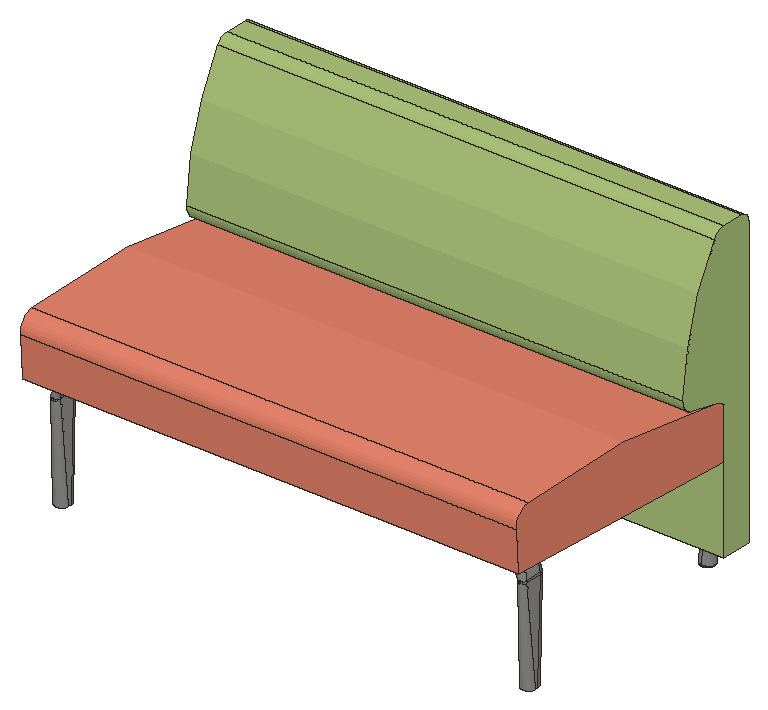
Revit family "FU_Modular_Sandler_Ambit 1060", category Furniture, Revit 2020
Family settings
  OmniClass Number = 23.40.20.00
  OmniClass Title = General Furniture and Specialties
  Work Plane-Based = No
  Always vertical = Yes
  Cut with Voids When Loaded = No
  Shared = No
  Room Calculation Point = No
Parameters (values of type "Ambit 1060")
  Width = 1200 mm
  URL = "https://www.sandlerseating.com/product/ambit-1060/"
  Seat Type = Ambit Seat : Seat 1200mm
  Seat [instance] = Fabric - Manhattan - Lexington YI113
  Model = "Ambit 1060"
  Manufacturer = "Sandler"
  Height = 770 mm
  Frame [instance] = Metal - Paint -AL VR - Pewter
  Description = "Modular seating system. Upholstered seat and back, with feet in cast aluminium."
  Depth = 700 mm
  Default Elevation = 0 mm
  Back [instance] = Fabric - Manhattan - Ellis YI365
Reference planes
  plane 1 "Center (Front/Back)": y = 0
  plane 2: z = 0
  plane 3 "Center (Left/Right)": x = 0
  plane 4 "Right": x = -600
  plane 5 "Left": x = 600
  plane 6 "Back": y = 350
  plane 7 "Front": y = -350
  plane 8 "Height": z = 770
  plane 9 "Seat height": z = 430
Dimensions and locks
  equal spacing: plane 4 "Right", plane 3 "Center (Left/Right)", plane 5 "Left"
  "Width": plane 4 "Right" to plane 5 "Left"
  equal spacing: plane 6 "Back", plane 1 "Center (Front/Back)", plane 7 "Front"
  "Depth": plane 6 "Back" to plane 7 "Front"
  "Height": plane 8 "Height" to level
  plane 9 "Seat height" to level = 430 mm
  aligned and locked: level to plane 2
Nested families
  nested 1: "Ambit SingleBack" at (0, 0, 0), Back <- "Back", Frame <- "Frame", type "1200mm Single Back"
    with Frame Metal - Paint -AL VR - Pewter, Back Fabric - Manhattan - Ellis YI365
  nested 2: "Ambit Seat" at (0, 0, 0), type <- "Seat Type", Frame <- "Frame", Seat <- "Seat", type "Seat 1200mm"
    with Seat Fabric - Manhattan - Lexington YI113, Frame Metal - Paint -AL VR - Pewter
Definition of nested family "Ambit SingleBack"
  Parameters (values of type "800mm Single Back")
    Width = 800 mm
    URL = ""
    Model = ""
    Manufacturer = ""
    Height = 770 mm
    Frame [instance] = none
    Description = "Modular seating system."
    Depth = 700 mm
    Default Elevation = 0 mm
    Back [instance] = none
  Types (3, lengths in mm): name | Width
    (no name) | 800
    800mm Single Back | 800
    1200mm Single Back | 1200
  Reference planes
    plane 1 "Center (Front/Back)": y = 0
    plane 2: z = 0
    plane 3 "Center (Left/Right)": x = 0
    plane 4 "Right": x = -400
    plane 5 "Left": x = 400
    plane 6 "Back": y = 350
    plane 7 "Front": y = -350
    plane 8 "Height": z = 770
    plane 9 "Seat height": z = 430
    plane 10 "Back Right Foot": x = -331.016
    plane 11 "Back Left Foot": x = 331.016
  Forms (mm)
    Revolve 1, solid, material <- "Frame"
      sketch origin (331.016, 0, 0) x (0, 0, -1) y (0, -1, 0)
        loop
          arc (-40.637, -299.423) -> (-44.432, -298.107) -> (-46.076, -294.441) r 5.065
          line (-46.076, -294.441) -> (-48.022, -294.441) -> (-48.022, -313.961) -> (0, -313.961) -> (0, -297.944)
          arc (0, -297.944) -> (-0.817, -296.901) -> (-2.1, -296.57) r 2.065
          line (-2.1, -296.57) -> (-40.637, -299.423)
        axis (-48.022, -313.961) -> (0, -313.961)
      angle from 0 to 360
    Extrusion 2, solid, material <- "Frame"
      sketch origin (0, 0, 51.603) x (0, -1, 0) y (1, 0, 0)
        loop
          arc (-342.852, 290.046) -> (-342.258, 288.613) -> (-340.824, 288.019) r 2.027
          line (-340.824, 288.019) -> (-286.875, 288.019)
          arc (-286.875, 288.019) -> (-285.444, 288.611) -> (-284.852, 290.042) r 2.023
          line (-284.852, 290.042) -> (-284.852, 372.037)
          arc (-284.852, 372.037) -> (-285.431, 373.436) -> (-286.83, 374.016) r 1.978
          line (-286.83, 374.016) -> (-340.837, 374.016)
          arc (-340.837, 374.016) -> (-342.262, 373.426) -> (-342.852, 372.001) r 2.015
          line (-342.852, 372.001) -> (-342.852, 290.046)
      from -5.528 to 0
    Revolve 3, solid, material <- "Frame"
      sketch origin (-331.016, 0, 0) x (0, 0, -1) y (0, -1, 0)
        loop
          arc (-40.637, -299.423) -> (-44.432, -298.107) -> (-46.076, -294.441) r 5.065
          line (-46.076, -294.441) -> (-48.022, -294.441) -> (-48.022, -313.961) -> (0, -313.961) -> (0, -297.944)
          arc (0, -297.944) -> (-0.817, -296.901) -> (-2.1, -296.57) r 2.065
          line (-2.1, -296.57) -> (-40.637, -299.423)
        axis (-48.022, -313.961) -> (0, -313.961)
      angle from 0 to 360
    Extrusion 4, solid, material <- "Frame"
      sketch origin (0, 0, 51.603) x (0, -1, 0) y (1, 0, 0)
        loop
          line (-342.852, -290.046) -> (-342.852, -372.001)
          arc (-342.852, -372.001) -> (-342.262, -373.426) -> (-340.837, -374.016) r 2.015
          line (-340.837, -374.016) -> (-286.83, -374.016)
          arc (-286.83, -374.016) -> (-285.431, -373.436) -> (-284.852, -372.037) r 1.978
          line (-284.852, -372.037) -> (-284.852, -290.042)
          arc (-284.852, -290.042) -> (-285.444, -288.611) -> (-286.875, -288.019) r 2.023
          line (-286.875, -288.019) -> (-340.824, -288.019)
          arc (-340.824, -288.019) -> (-342.258, -288.613) -> (-342.852, -290.046) r 2.027
      from -5.528 to 0
    Extrusion 5, solid, material <- "Back"
      sketch origin (400, 0, 0) x (0, -1, 0) y (0, 0, 1)
        loop
          line (-276.986, 51.603) -> (-276.986, 376.265)
          arc (-276.986, 376.265) -> (-272.236, 387.916) -> (-261.468, 394.425) r 20
          arc (-261.468, 394.425) -> (-221.889, 402.963) -> (-182.128, 410.609) r 1800.168
          arc (-182.128, 410.609) -> (-161.146, 423.03) -> (-153.367, 446.139) r 35
          arc (-153.367, 446.139) -> (-179.881, 606.219) -> (-247.561, 753.69) r 611.524
          arc (-247.561, 753.69) -> (-260.259, 765.652) -> (-277.153, 770) r 35
          line (-277.153, 770) -> (-330, 770)
          arc (-330, 770) -> (-344.142, 764.142) -> (-350, 750) r 20
          line (-350, 750) -> (-350, 51.603) -> (-276.986, 51.603)
      from 0 to 800
  Cuts and joins
    joined: Revolve 1, Extrusion 2
  Dimensions and locks
    equal spacing: plane 4 "Right", plane 3 "Center (Left/Right)", plane 5 "Left"
    "Width": plane 4 "Right" to plane 5 "Left"
    equal spacing: plane 6 "Back", plane 1 "Center (Front/Back)", plane 7 "Front"
    "Depth": plane 6 "Back" to plane 7 "Front"
    "Height": plane 8 "Height" to level
    plane 9 "Seat height" to level = 430 mm
    locked: plane 4 "Right" to plane 10 "Back Right Foot" at 68.984
    locked: plane 11 "Back Left Foot" to plane 5 "Left" at 68.984
    aligned and locked: level to plane 2
    aligned and locked: plane 4 "Right" to Extrusion 5
    aligned and locked: Extrusion 5 to plane 5 "Left"
  Automatic sketch dimensions
    Extrusion 2 sketch curve to plane 6 "Back" = 7.148 mm
    Extrusion 2 sketch curve to Extrusion 2 sketch curve = 2.015 mm
    Extrusion 2 sketch curve to Extrusion 2 sketch curve = 2.027 mm
    Extrusion 2 sketch curve to Extrusion 2 sketch curve = 2.023 mm
    plane 5 "Left" to Extrusion 2 sketch curve = 27.999 mm
    plane 6 "Back" to Extrusion 4 sketch curve = 7.148 mm
    Extrusion 4 sketch curve to Extrusion 4 sketch curve = 2.015 mm
    Extrusion 4 sketch curve to Extrusion 4 sketch curve = 2.027 mm
    Extrusion 4 sketch curve to Extrusion 4 sketch curve = 2.023 mm
    plane 4 "Right" to Extrusion 4 sketch curve = 111.981 mm
    plane 4 "Right" to Extrusion 4 sketch curve = 27.999 mm
    Extrusion 5 sketch curve to plane 6 "Back" = 0 mm
    Extrusion 5 sketch curve to plane 8 "Height" = 0 mm
    Extrusion 5 sketch curve to plane 9 "Seat height" = 2.863 mm
    plane 6 "Back" to Extrusion 5 sketch curve = 414.596 mm
    Extrusion 5 sketch curve to Extrusion 5 sketch curve = 19.955 mm
    plane 9 "Seat height" to Extrusion 5 sketch curve = 15.052 mm
    Extrusion 5 sketch curve to Extrusion 5 sketch curve = 68.681 mm
    Extrusion 5 sketch curve to level = 1360.883 mm
    Extrusion 5 sketch curve to plane 9 "Seat height" = 55.077 mm
    Extrusion 5 sketch curve to Extrusion 5 sketch curve = 1.342 mm
    Extrusion 5 sketch curve to Extrusion 5 sketch curve = 35 mm
    Extrusion 5 sketch curve to Extrusion 5 sketch curve = 0 mm  (x3)
    plane 1 "Center (Front/Back)" to Extrusion 5 sketch curve = 137.907 mm
    Extrusion 2 sketch curve to Extrusion 2 sketch curve = 81.955 mm
    Extrusion 2 sketch curve to Extrusion 2 sketch curve = 53.95 mm
    Extrusion 2 sketch curve to Extrusion 2 sketch curve = 1.978 mm
    Extrusion 4 sketch curve to Extrusion 4 sketch curve = 53.95 mm
    Extrusion 4 sketch curve to Extrusion 4 sketch curve = 1.978 mm
    Extrusion 5 sketch curve to Extrusion 5 sketch curve = 20 mm
    Extrusion 5 sketch curve to Extrusion 5 sketch curve = 52.847 mm
    Extrusion 5 sketch curve to Extrusion 5 sketch curve = 73.014 mm
    level to Extrusion 5 sketch curve = 51.603 mm
    Revolve 3 sketch curve to level = 0 mm
    level to Revolve 3 sketch curve = 1.947 mm
    Revolve 3 sketch curve to Revolve 3 sketch curve = 0.152 mm
    Revolve 3 sketch curve to Revolve 3 sketch curve = 38.537 mm
    Revolve 3 sketch curve to Revolve 3 sketch curve = 0.374 mm
    Revolve 3 sketch curve to Revolve 3 sketch curve = 5.064 mm
    Revolve 3 sketch curve to Revolve 3 sketch curve = 1.946 mm
    Revolve 3 sketch curve to plane 6 "Back" = 36.039 mm
    Revolve 3 sketch curve to Revolve 3 sketch curve = 14.538 mm
    Revolve 3 sketch curve to Revolve 3 sketch curve = 15.332 mm
    Revolve 3 sketch curve to Revolve 3 sketch curve = 0.686 mm
    Revolve 3 sketch curve to Revolve 3 sketch curve = 4.982 mm
    Revolve 3 sketch curve to Revolve 3 sketch curve = 5 mm
    Revolve 3 sketch curve to level = 4.899 mm
    Revolve 3 sketch curve to Revolve 3 sketch curve = 0 mm
    Revolve 1 sketch curve to level = 0 mm
    Revolve 1 sketch curve to level = 1.947 mm
    Revolve 1 sketch curve to Revolve 1 sketch curve = 0.152 mm
    Revolve 1 sketch curve to Revolve 1 sketch curve = 38.537 mm
    Revolve 1 sketch curve to Revolve 1 sketch curve = 0.374 mm
    Revolve 1 sketch curve to Revolve 1 sketch curve = 5.064 mm
    Revolve 1 sketch curve to Revolve 1 sketch curve = 1.946 mm
    plane 6 "Back" to Revolve 1 sketch curve = 36.039 mm
    Revolve 1 sketch curve to Revolve 1 sketch curve = 14.538 mm
    Revolve 1 sketch curve to Revolve 1 sketch curve = 15.332 mm
    Revolve 1 sketch curve to Revolve 1 sketch curve = 0.686 mm
    Revolve 1 sketch curve to Revolve 1 sketch curve = 4.982 mm
    Revolve 1 sketch curve to Revolve 1 sketch curve = 5 mm
    level to Revolve 1 sketch curve = 4.899 mm
    Revolve 1 sketch curve to Revolve 1 sketch curve = 0 mm
Definition of nested family "Ambit Seat"
  Parameters (values of type "Seat 800mm")
    Width = 800 mm
    URL = ""
    Seat [instance] = none
    Model = ""
    Manufacturer = ""
    Height = 770 mm
    Frame [instance] = none
    Description = "Modular seating system."
    Depth = 700 mm
    Default Elevation = 0 mm
  Types (3, lengths in mm): name | Width
    (no name) | 800
    Seat 800mm | 800
    Seat 1200mm | 1200
  Reference planes
    plane 1 "Center (Front/Back)": y = 0
    plane 2: z = 0
    plane 3 "Center (Left/Right)": x = 0
    plane 4 "Right": x = -400
    plane 5 "Left": x = 400
    plane 6 "Back": y = 350
    plane 7 "Front": y = -350
    plane 8 "Height": z = 770
    plane 9 "Seat height": z = 430
    plane 10 "FFT C RIGHT": z = 285.404
    plane 11 "Frame Left": x = -364
    plane 12 "Frame Right": x = 364
  Forms (mm)
    SweptBlend 1, solid, material <- "Frame"
      path origin (0, -265.648, 0) x (0, 0, -1) y (1, 0, 0)
        loop
          line (0, 364.075) -> (-239.72, 364.075)
      profile "Pro_Ambit_FFoot : Pro_Ambit_FFoot" origin (364.075, -265.648, 0) x (-1, 0, 0) y (0, -1, 0)
        loop
          arc (17.452, 3.305) -> (0, 20.142) -> (-17.452, 3.305) r 17.463
          line (-17.452, 3.305) -> (-17.452, -3.305)
          arc (-17.452, -3.305) -> (0, -20.142) -> (17.452, -3.305) r 17.463
          line (17.452, -3.305) -> (17.452, 3.305)
      end profile "Pro_Ambit_FF : Pro_Ambit_FF" origin (364.075, -265.648, 239.72) x (-1, 0, 0) y (0, -1, 0)
        loop
          arc (-10, -20.066) -> (0, -30.066) -> (10, -20.066) r 10
          line (10, -20.066) -> (10, 20.066)
          arc (10, 20.066) -> (0, 30.066) -> (-10, 20.066) r 10
          line (-10, 20.066) -> (-10, -20.066)
    Sweep 2, solid, material <- "Frame"
      path origin (0, -265.648, 0) x (0, 0, -1) y (1, 0, 0)
        loop
          line (-234.72, -364.14) -> (-239.72, -364.14)
          arc (-239.72, -364.14) -> (-272.419, -345.952) -> (-285.404, -310.86) r 53.912
          line (-285.404, -310.86) -> (-285.404, 310.86)
          arc (-285.404, 310.86) -> (-272.419, 345.952) -> (-239.72, 364.14) r 53.912
          line (-239.72, 364.14) -> (-234.72, 364.14)
      profile "Pro_Ambit_FF : Pro_Ambit_FF" origin (0, -265.648, 285.404) x (0, 0, 1) y (0, -1, 0)
        loop
          arc (-10, -20.066) -> (0, -30.066) -> (10, -20.066) r 10
          line (10, -20.066) -> (10, 20.066)
          arc (10, 20.066) -> (0, 30.066) -> (-10, 20.066) r 10
          line (-10, 20.066) -> (-10, -20.066)
    SweptBlend 3, solid, material <- "Frame"
      path origin (0, -265.648, 0) x (0, 0, -1) y (-1, 0, 0)
        loop
          line (0, 364.075) -> (-239.72, 364.075)
      profile "Pro_Ambit_FFoot : Pro_Ambit_FFoot" origin (-364.075, -265.648, 0) x (-1, 0, 0) y (0, -1, 0)
        loop
          line (-17.452, 3.305) -> (-17.452, -3.305)
          arc (-17.452, -3.305) -> (0, -20.142) -> (17.452, -3.305) r 17.463
          line (17.452, -3.305) -> (17.452, 3.305)
          arc (17.452, 3.305) -> (0, 20.142) -> (-17.452, 3.305) r 17.463
      end profile "Pro_Ambit_FF : Pro_Ambit_FF" origin (-364.075, -265.648, 239.72) x (-1, 0, 0) y (0, -1, 0)
        loop
          line (-10, 20.066) -> (-10, -20.066)
          arc (-10, -20.066) -> (0, -30.066) -> (10, -20.066) r 10
          line (10, -20.066) -> (10, 20.066)
          arc (10, 20.066) -> (0, 30.066) -> (-10, 20.066) r 10
    Extrusion 4, solid, material <- "Seat"
      sketch origin (-400, 0, 0) x (0, -1, 0) y (0, 0, 1)
        loop
          line (343.115, 289.761) -> (350.038, 388.028)
          arc (350.038, 388.028) -> (340.698, 416.645) -> (314.05, 430.647) r 40
          arc (314.05, 430.647) -> (24.831, 435.731) -> (-261.468, 394.425) r 1800.168
          arc (-261.468, 394.425) -> (-272.664, 387.398) -> (-277.031, 374.923) r 20
          line (-277.031, 374.923) -> (-277.031, 260.098) -> (343.115, 289.761)
      from -800 to 0
  Dimensions and locks
    equal spacing: plane 4 "Right", plane 3 "Center (Left/Right)", plane 5 "Left"
    "Width": plane 4 "Right" to plane 5 "Left"
    equal spacing: plane 6 "Back", plane 1 "Center (Front/Back)", plane 7 "Front"
    "Depth": plane 6 "Back" to plane 7 "Front"
    "Height": plane 8 "Height" to level
    plane 9 "Seat height" to level = 430 mm
    locked: plane 4 "Right" to plane 11 "Frame Left" at 36
    locked: plane 12 "Frame Right" to plane 5 "Left" at 36
    aligned and locked: level to plane 2
    aligned and locked: plane 4 "Right" to Extrusion 4
    aligned and locked: Extrusion 4 to plane 5 "Left"
  Automatic sketch dimensions
    SweptBlend 1 sketch curve to level = 0 mm
    SweptBlend 1 sketch curve to plane 10 "FFT C RIGHT" = 45.683 mm
    Sweep 2 sketch curve to plane 10 "FFT C RIGHT" = 0 mm
    Sweep 2 sketch curve to plane 10 "FFT C RIGHT" = 45.683 mm  (x2)
    Sweep 2 sketch curve to plane 10 "FFT C RIGHT" = 53.912 mm  (x2)
    Sweep 2 sketch curve to plane 4 "Right" = 89.14 mm
    Sweep 2 sketch curve to Sweep 2 sketch curve = 5 mm  (x2)
    SweptBlend 3 sketch curve to level = 0 mm
    plane 4 "Right" to SweptBlend 3 sketch curve = 35.925 mm
    plane 10 "FFT C RIGHT" to SweptBlend 3 sketch curve = 45.683 mm
    Extrusion 4 sketch curve to Extrusion 4 sketch curve = 20 mm
    plane 7 "Front" to Extrusion 4 sketch curve = 39.864 mm
    plane 7 "Front" to Extrusion 4 sketch curve = 6.885 mm
    Extrusion 4 sketch curve to plane 7 "Front" = 0.038 mm
    Extrusion 4 sketch curve to level = 1360.883 mm
    Extrusion 4 sketch curve to plane 10 "FFT C RIGHT" = 25.306 mm
    plane 10 "FFT C RIGHT" to Extrusion 4 sketch curve = 4.357 mm
    Extrusion 4 sketch curve to plane 9 "Seat height" = 55.077 mm
    Extrusion 4 sketch curve to plane 9 "Seat height" = 41.972 mm
    Extrusion 4 sketch curve to plane 9 "Seat height" = 39.161 mm
    Extrusion 4 sketch curve to Extrusion 4 sketch curve = 0 mm
    plane 5 "Left" to SweptBlend 1 sketch curve = 35.925 mm
    plane 5 "Left" to Sweep 2 sketch curve = 89.14 mm
    Extrusion 4 sketch curve to plane 6 "Back" = 92.969 mm
    plane 1 "Center (Front/Back)" to Extrusion 4 sketch curve = 137.907 mm
